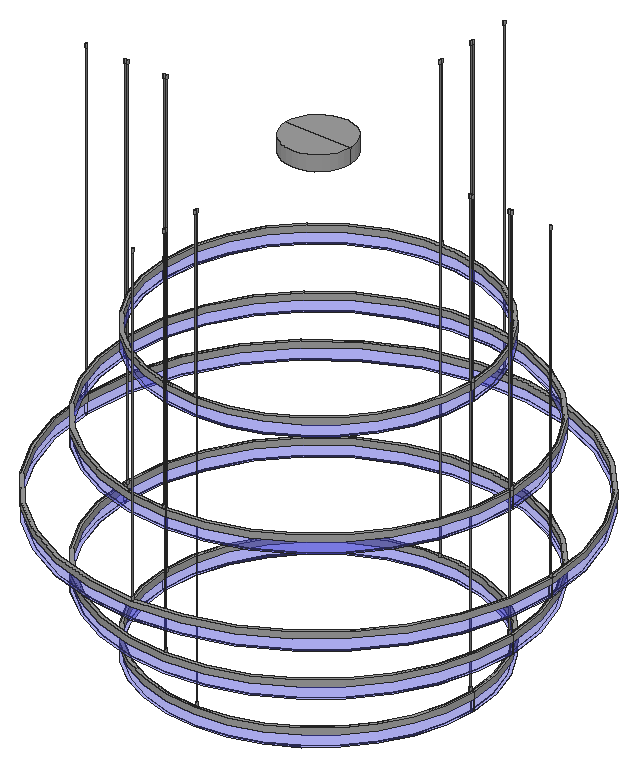
Revit family "Alcon-12272-5-48-60-72-60-48-Revit-Family", category Generic Models, host Ceiling, Revit 2025
Family settings
  Host = Ceiling
  Can host rebar = No
  Round Connector Dimension = Use Diameter
  Part Type = Normal
  Always vertical = Yes
  Cut with Voids When Loaded = No
  Maintain Annotation Orientation = No
  Shared = No
  Room Calculation Point = No
Parameters
  URL = "https://www.alconlighting.com/?srsltid=AfmBOooDPhGQ0dEP-X2PMtxFfvvWpIAEL4jCll_O2F4_to5onvhnBomy"
  Product Page = "https://www.alconlighting.com/redondo-12272-5.html"
  Model = "12272-5"
  Manufacturer = "Alcon Lighting"
  Lens = Glass
  Housing = Default
  Default Elevation = 0' - 0"
Reference planes (in)
  plane 1 "Center (Front/Back)": y = 0
  plane 2 "Ceiling": z = 96
  plane 3 "Center (Left/Right)": x = 0
Forms (in)
  Revolve 1, solid, material "Default" <- "Housing"
    sketch origin (0, 0, 0) x (1, 0, 0) y (0, 0, 1)
      loop
        line (0, 96) -> (0, 93.75) -> (5, 93.75) -> (5, 96) -> (0, 96)
      axis (0, 96) -> (0, 93.75)
    angle from 0 to 360
  Revolve 2, solid, material "Default" <- "Housing"
    sketch origin (0, 0, -29.03125) x (1, 0, 0) y (0, 0, 1)
      loop
        line (29.5, 66.65) -> (29.5, 65.72813) -> (29.5625, 65.72813) -> (29.5625, 66.5875) -> (29.9375, 66.5875) -> (29.9375, 65.72813) -> (30, 65.72813) -> (30, 66.65) -> (29.5, 66.65)
      axis (0, 65.72813) -> (0, 66.65)
    angle from 0 to 360
  Revolve 3, solid, material "Glass" <- "Lens"
    sketch origin (0, 0, -29.03125) x (1, 0, 0) y (0, 0, 1)
      loop
        line (29.5, 63.89) -> (30, 63.89) -> (30, 65.72813) -> (29.96875, 65.72813) -> (29.96875, 63.92125) -> (29.53125, 63.92125) -> (29.53125, 65.72813) -> (29.5, 65.72813) -> (29.5, 63.89)
      axis (0, 63.89) -> (0, 65.72813)
    angle from 0 to 360
  Revolve 4, solid, material "Default" <- "Housing"
    sketch origin (0, -41.92511, -29.03125) x (0, 1, 0) y (0, 0, 1)
      loop
        line (12.55011, 66.65) -> (12.67511, 66.65) -> (12.67511, 67.1208) -> (12.55011, 67.1208) -> (12.55011, 66.65)
      axis (12.55011, 67.1208) -> (12.55011, 66.65)
    angle from 0 to 360
  Extrusion 5, solid, material "Default" <- "Housing"
    sketch origin (0, -29.37511, 92.90344) x (0, 1, 0) y (1, 0, 0)
      loop
        circle (0, 0) r 0.04922
    from -2.62576 to 54.8139
  Revolve 6, solid, material "Default" <- "Housing"
    sketch origin (0, -41.92511, 28.8792) x (0, 1, 0) y (0, 0, 1)
      loop
        line (12.55011, 66.65) -> (12.67511, 66.65) -> (12.67511, 67.1208) -> (12.55011, 67.1208) -> (12.55011, 66.65)
      axis (12.55011, 67.1208) -> (12.55011, 66.65)
    angle from 0 to 360
  Revolve 7, solid, material "Default" <- "Housing"
    sketch origin (0, 16.82489, -29.03125) x (0, 1, 0) y (0, 0, 1)
      loop
        line (12.55011, 66.65) -> (12.67511, 66.65) -> (12.67511, 67.1208) -> (12.55011, 67.1208) -> (12.55011, 66.65)
      axis (12.55011, 67.1208) -> (12.55011, 66.65)
    angle from 0 to 360
  Extrusion 8, solid, material "Default" <- "Housing"
    sketch origin (0, 29.37489, 92.90344) x (0, 1, 0) y (1, 0, 0)
      loop
        circle (0, 0) r 0.04922
    from -2.62576 to 54.8139
  Revolve 9, solid, material "Default" <- "Housing"
    sketch origin (0, 16.82489, 28.8792) x (0, 1, 0) y (0, 0, 1)
      loop
        line (12.55011, 66.65) -> (12.67511, 66.65) -> (12.67511, 67.1208) -> (12.55011, 67.1208) -> (12.55011, 66.65)
      axis (12.55011, 67.1208) -> (12.55011, 66.65)
    angle from 0 to 360
  Revolve 10, solid, material "Default" <- "Housing"
    sketch origin (29.375, -12.55011, -29.03125) x (0, 1, 0) y (0, 0, 1)
      loop
        line (12.55011, 66.65) -> (12.67511, 66.65) -> (12.67511, 67.1208) -> (12.55011, 67.1208) -> (12.55011, 66.65)
      axis (12.55011, 67.1208) -> (12.55011, 66.65)
    angle from 0 to 360
  Extrusion 11, solid, material "Default" <- "Housing"
    sketch origin (29.375, -0.00011, 92.90344) x (0, 1, 0) y (1, 0, 0)
      loop
        circle (0, 0) r 0.04922
    from -2.62576 to 54.8139
  Revolve 12, solid, material "Default" <- "Housing"
    sketch origin (29.375, -12.55011, 28.8792) x (0, 1, 0) y (0, 0, 1)
      loop
        line (12.55011, 66.65) -> (12.67511, 66.65) -> (12.67511, 67.1208) -> (12.55011, 67.1208) -> (12.55011, 66.65)
      axis (12.55011, 67.1208) -> (12.55011, 66.65)
    angle from 0 to 360
  Revolve 13, solid, material "Default" <- "Housing"
    sketch origin (-29.375, -12.55011, -29.03125) x (0, 1, 0) y (0, 0, 1)
      loop
        line (12.55011, 66.65) -> (12.67511, 66.65) -> (12.67511, 67.1208) -> (12.55011, 67.1208) -> (12.55011, 66.65)
      axis (12.55011, 67.1208) -> (12.55011, 66.65)
    angle from 0 to 360
  Extrusion 14, solid, material "Default" <- "Housing"
    sketch origin (-29.375, -0.00011, 92.90344) x (0, 1, 0) y (1, 0, 0)
      loop
        circle (0, 0) r 0.04922
    from -2.62576 to 54.8139
  Revolve 15, solid, material "Default" <- "Housing"
    sketch origin (-29.375, -12.55011, 28.8792) x (0, 1, 0) y (0, 0, 1)
      loop
        line (12.55011, 66.65) -> (12.67511, 66.65) -> (12.67511, 67.1208) -> (12.55011, 67.1208) -> (12.55011, 66.65)
      axis (12.55011, 67.1208) -> (12.55011, 66.65)
    angle from 0 to 360
  Revolve 16, solid, material "Default" <- "Housing"
    sketch origin (0, 0, -19.03125) x (1, 0, 0) y (0, 0, 1)
      loop
        line (35.5, 66.65) -> (35.5, 65.72813) -> (35.5625, 65.72813) -> (35.5625, 66.5875) -> (35.9375, 66.5875) -> (35.9375, 65.72813) -> (36, 65.72813) -> (36, 66.65) -> (35.5, 66.65)
      axis (0, 65.72813) -> (0, 66.65)
    angle from 0 to 360
  Revolve 17, solid, material "Glass" <- "Lens"
    sketch origin (0, 0, -19.03125) x (1, 0, 0) y (0, 0, 1)
      loop
        line (35.5, 63.89) -> (36, 63.89) -> (36, 65.72813) -> (35.96875, 65.72813) -> (35.96875, 63.92125) -> (35.53125, 63.92125) -> (35.53125, 65.72813) -> (35.5, 65.72813) -> (35.5, 63.89)
      axis (0, 63.89) -> (0, 65.72813)
    angle from 0 to 360
  Revolve 18, solid, material "Default" <- "Housing"
    sketch origin (-35.73128, -12.55011, -19.03125) x (0, 1, 0) y (0, 0, 1)
      loop
        line (12.55011, 66.65) -> (12.67511, 66.65) -> (12.67511, 67.1208) -> (12.55011, 67.1208) -> (12.55011, 66.65)
      axis (12.55011, 67.1208) -> (12.55011, 66.65)
    angle from 0 to 360
  Extrusion 19, solid, material "Default" <- "Housing"
    sketch origin (-35.73128, -0.00011, 102.90344) x (0, 1, 0) y (1, 0, 0)
      loop
        circle (0, 0) r 0.04922
    from 7.37424 to 54.8139
  Revolve 20, solid, material "Default" <- "Housing"
    sketch origin (-35.73128, -12.55011, 28.8792) x (0, 1, 0) y (0, 0, 1)
      loop
        line (12.55011, 66.65) -> (12.67511, 66.65) -> (12.67511, 67.1208) -> (12.55011, 67.1208) -> (12.55011, 66.65)
      axis (12.55011, 67.1208) -> (12.55011, 66.65)
    angle from 0 to 360
  Revolve 21, solid, material "Default" <- "Housing"
    sketch origin (-29.375, -12.55011, -29.03125) x (0, 1, 0) y (0, 0, 1)
      loop
        line (12.55011, 66.65) -> (12.67511, 66.65) -> (12.67511, 67.1208) -> (12.55011, 67.1208) -> (12.55011, 66.65)
      axis (12.55011, 67.1208) -> (12.55011, 66.65)
    angle from 0 to 360
  Extrusion 22, solid, material "Default" <- "Housing"
    sketch origin (-29.375, -0.00011, 92.90344) x (0, 1, 0) y (1, 0, 0)
      loop
        circle (0, 0) r 0.04922
    from -2.62576 to 54.8139
  Revolve 23, solid, material "Default" <- "Housing"
    sketch origin (-29.375, -12.55011, 28.8792) x (0, 1, 0) y (0, 0, 1)
      loop
        line (12.55011, 66.65) -> (12.67511, 66.65) -> (12.67511, 67.1208) -> (12.55011, 67.1208) -> (12.55011, 66.65)
      axis (12.55011, 67.1208) -> (12.55011, 66.65)
    angle from 0 to 360
  Revolve 24, solid, material "Default" <- "Housing"
    sketch origin (35.7346, -12.55011, -19.03125) x (0, 1, 0) y (0, 0, 1)
      loop
        line (12.55011, 66.65) -> (12.67511, 66.65) -> (12.67511, 67.1208) -> (12.55011, 67.1208) -> (12.55011, 66.65)
      axis (12.55011, 67.1208) -> (12.55011, 66.65)
    angle from 0 to 360
  Extrusion 25, solid, material "Default" <- "Housing"
    sketch origin (35.7346, -0.00011, 102.90344) x (0, 1, 0) y (1, 0, 0)
      loop
        circle (0, 0) r 0.04922
    from 7.37424 to 54.8139
  Revolve 26, solid, material "Default" <- "Housing"
    sketch origin (35.7346, -12.55011, 28.8792) x (0, 1, 0) y (0, 0, 1)
      loop
        line (12.55011, 66.65) -> (12.67511, 66.65) -> (12.67511, 67.1208) -> (12.55011, 67.1208) -> (12.55011, 66.65)
      axis (12.55011, 67.1208) -> (12.55011, 66.65)
    angle from 0 to 360
  Revolve 27, solid, material "Default" <- "Housing"
    sketch origin (0, 23.19989, -19.03125) x (0, 1, 0) y (0, 0, 1)
      loop
        line (12.55011, 66.65) -> (12.67511, 66.65) -> (12.67511, 67.1208) -> (12.55011, 67.1208) -> (12.55011, 66.65)
      axis (12.55011, 67.1208) -> (12.55011, 66.65)
    angle from 0 to 360
  Extrusion 28, solid, material "Default" <- "Housing"
    sketch origin (0, 35.74989, 102.90344) x (0, 1, 0) y (1, 0, 0)
      loop
        circle (0, 0) r 0.04922
    from 7.37424 to 54.8139
  Revolve 29, solid, material "Default" <- "Housing"
    sketch origin (0, 23.19989, 28.8792) x (0, 1, 0) y (0, 0, 1)
      loop
        line (12.55011, 66.65) -> (12.67511, 66.65) -> (12.67511, 67.1208) -> (12.55011, 67.1208) -> (12.55011, 66.65)
      axis (12.55011, 67.1208) -> (12.55011, 66.65)
    angle from 0 to 360
  Revolve 30, solid, material "Default" <- "Housing"
    sketch origin (0, -48.30011, -19.03125) x (0, 1, 0) y (0, 0, 1)
      loop
        line (12.55011, 66.65) -> (12.67511, 66.65) -> (12.67511, 67.1208) -> (12.55011, 67.1208) -> (12.55011, 66.65)
      axis (12.55011, 67.1208) -> (12.55011, 66.65)
    angle from 0 to 360
  Extrusion 31, solid, material "Default" <- "Housing"
    sketch origin (0, -35.75011, 102.90344) x (0, 1, 0) y (1, 0, 0)
      loop
        circle (0, 0) r 0.04922
    from 7.37424 to 54.8139
  Revolve 32, solid, material "Default" <- "Housing"
    sketch origin (0, -48.30011, 28.8792) x (0, 1, 0) y (0, 0, 1)
      loop
        line (12.55011, 66.65) -> (12.67511, 66.65) -> (12.67511, 67.1208) -> (12.55011, 67.1208) -> (12.55011, 66.65)
      axis (12.55011, 67.1208) -> (12.55011, 66.65)
    angle from 0 to 360
  Revolve 33, solid, material "Default" <- "Housing"
    sketch origin (0, 0, -39.03125) x (1, 0, 0) y (0, 0, 1)
      loop
        line (23.5, 66.65) -> (23.5, 65.72813) -> (23.5625, 65.72813) -> (23.5625, 66.5875) -> (23.9375, 66.5875) -> (23.9375, 65.72813) -> (24, 65.72813) -> (24, 66.65) -> (23.5, 66.65)
      axis (0, 65.72813) -> (0, 66.65)
    angle from 0 to 360
  Revolve 34, solid, material "Glass" <- "Lens"
    sketch origin (0, 0, -39.03125) x (1, 0, 0) y (0, 0, 1)
      loop
        line (23.5, 63.89) -> (24, 63.89) -> (24, 65.72813) -> (23.96875, 65.72813) -> (23.96875, 63.92125) -> (23.53125, 63.92125) -> (23.53125, 65.72813) -> (23.5, 65.72813) -> (23.5, 63.89)
      axis (0, 63.89) -> (0, 65.72813)
    angle from 0 to 360
  Revolve 35, solid, material "Default" <- "Housing"
    sketch origin (23.375, -12.55011, -39.03125) x (0, 1, 0) y (0, 0, 1)
      loop
        line (12.55011, 66.65) -> (12.67511, 66.65) -> (12.67511, 67.1208) -> (12.55011, 67.1208) -> (12.55011, 66.65)
      axis (12.55011, 67.1208) -> (12.55011, 66.65)
    angle from 0 to 360
  Extrusion 36, solid, material "Default" <- "Housing"
    sketch origin (23.375, -0.00011, 92.90344) x (0, 1, 0) y (1, 0, 0)
      loop
        circle (0, 0) r 0.04922
    from -2.62576 to 64.8139
  Revolve 37, solid, material "Default" <- "Housing"
    sketch origin (23.375, -12.55011, 28.8792) x (0, 1, 0) y (0, 0, 1)
      loop
        line (12.55011, 66.65) -> (12.67511, 66.65) -> (12.67511, 67.1208) -> (12.55011, 67.1208) -> (12.55011, 66.65)
      axis (12.55011, 67.1208) -> (12.55011, 66.65)
    angle from 0 to 360
  Revolve 38, solid, material "Default" <- "Housing"
    sketch origin (-23.375, -12.55011, -39.03125) x (0, 1, 0) y (0, 0, 1)
      loop
        line (12.55011, 66.65) -> (12.67511, 66.65) -> (12.67511, 67.1208) -> (12.55011, 67.1208) -> (12.55011, 66.65)
      axis (12.55011, 67.1208) -> (12.55011, 66.65)
    angle from 0 to 360
  Extrusion 39, solid, material "Default" <- "Housing"
    sketch origin (-23.375, -0.00011, 92.90344) x (0, 1, 0) y (1, 0, 0)
      loop
        circle (0, 0) r 0.04922
    from -2.62576 to 64.8139
  Revolve 40, solid, material "Default" <- "Housing"
    sketch origin (-23.375, -12.55011, 28.8792) x (0, 1, 0) y (0, 0, 1)
      loop
        line (12.55011, 66.65) -> (12.67511, 66.65) -> (12.67511, 67.1208) -> (12.55011, 67.1208) -> (12.55011, 66.65)
      axis (12.55011, 67.1208) -> (12.55011, 66.65)
    angle from 0 to 360
  Revolve 41, solid, material "Default" <- "Housing"
    sketch origin (0, 10.82489, -39.03125) x (0, 1, 0) y (0, 0, 1)
      loop
        line (12.55011, 66.65) -> (12.67511, 66.65) -> (12.67511, 67.1208) -> (12.55011, 67.1208) -> (12.55011, 66.65)
      axis (12.55011, 67.1208) -> (12.55011, 66.65)
    angle from 0 to 360
  Extrusion 42, solid, material "Default" <- "Housing"
    sketch origin (0, 23.37489, 92.90344) x (0, 1, 0) y (1, 0, 0)
      loop
        circle (0, 0) r 0.04922
    from -2.62576 to 64.8139
  Revolve 43, solid, material "Default" <- "Housing"
    sketch origin (0, 10.82489, 28.8792) x (0, 1, 0) y (0, 0, 1)
      loop
        line (12.55011, 66.65) -> (12.67511, 66.65) -> (12.67511, 67.1208) -> (12.55011, 67.1208) -> (12.55011, 66.65)
      axis (12.55011, 67.1208) -> (12.55011, 66.65)
    angle from 0 to 360
  Revolve 44, solid, material "Default" <- "Housing"
    sketch origin (0, -35.92511, -39.03125) x (0, 1, 0) y (0, 0, 1)
      loop
        line (12.55011, 66.65) -> (12.67511, 66.65) -> (12.67511, 67.1208) -> (12.55011, 67.1208) -> (12.55011, 66.65)
      axis (12.55011, 67.1208) -> (12.55011, 66.65)
    angle from 0 to 360
  Extrusion 45, solid, material "Default" <- "Housing"
    sketch origin (0, -23.37511, 92.90344) x (0, 1, 0) y (1, 0, 0)
      loop
        circle (0, 0) r 0.04922
    from -2.62576 to 64.8139
  Revolve 46, solid, material "Default" <- "Housing"
    sketch origin (0, -35.92511, 28.8792) x (0, 1, 0) y (0, 0, 1)
      loop
        line (12.55011, 66.65) -> (12.67511, 66.65) -> (12.67511, 67.1208) -> (12.55011, 67.1208) -> (12.55011, 66.65)
      axis (12.55011, 67.1208) -> (12.55011, 66.65)
    angle from 0 to 360
  Revolve 47, solid, material "Default" <- "Housing"
    sketch origin (0, 0, -9.03125) x (1, 0, 0) y (0, 0, 1)
      loop
        line (29.5, 66.65) -> (29.5, 65.72813) -> (29.5625, 65.72813) -> (29.5625, 66.5875) -> (29.9375, 66.5875) -> (29.9375, 65.72813) -> (30, 65.72813) -> (30, 66.65) -> (29.5, 66.65)
      axis (0, 65.72813) -> (0, 66.65)
    angle from 0 to 360
  Revolve 48, solid, material "Glass" <- "Lens"
    sketch origin (0, 0, -9.03125) x (1, 0, 0) y (0, 0, 1)
      loop
        line (29.5, 63.89) -> (30, 63.89) -> (30, 65.72813) -> (29.96875, 65.72813) -> (29.96875, 63.92125) -> (29.53125, 63.92125) -> (29.53125, 65.72813) -> (29.5, 65.72813) -> (29.5, 63.89)
      axis (0, 63.89) -> (0, 65.72813)
    angle from 0 to 360
  Revolve 49, solid, material "Default" <- "Housing"
    sketch origin (0, -42.29757, -9.03125) x (0, 1, 0) y (0, 0, 1)
      loop
        line (12.55011, 66.65) -> (12.67511, 66.65) -> (12.67511, 67.1208) -> (12.55011, 67.1208) -> (12.55011, 66.65)
      axis (12.55011, 67.1208) -> (12.55011, 66.65)
    angle from 0 to 360
  Extrusion 50, solid, material "Default" <- "Housing"
    sketch origin (0, -29.74757, 112.90344) x (0, 1, 0) y (1, 0, 0)
      loop
        circle (0, 0) r 0.04922
    from 17.37424 to 54.8139
  Revolve 51, solid, material "Default" <- "Housing"
    sketch origin (0, -42.29757, 28.8792) x (0, 1, 0) y (0, 0, 1)
      loop
        line (12.55011, 66.65) -> (12.67511, 66.65) -> (12.67511, 67.1208) -> (12.55011, 67.1208) -> (12.55011, 66.65)
      axis (12.55011, 67.1208) -> (12.55011, 66.65)
    angle from 0 to 360
  Revolve 52, solid, material "Default" <- "Housing"
    sketch origin (0, 17.20494, -9.03125) x (0, 1, 0) y (0, 0, 1)
      loop
        line (12.55011, 66.65) -> (12.67511, 66.65) -> (12.67511, 67.1208) -> (12.55011, 67.1208) -> (12.55011, 66.65)
      axis (12.55011, 67.1208) -> (12.55011, 66.65)
    angle from 0 to 360
  Extrusion 53, solid, material "Default" <- "Housing"
    sketch origin (0, 29.75494, 112.90344) x (0, 1, 0) y (1, 0, 0)
      loop
        circle (0, 0) r 0.04922
    from 17.37424 to 54.8139
  Revolve 54, solid, material "Default" <- "Housing"
    sketch origin (0, 17.20494, 28.8792) x (0, 1, 0) y (0, 0, 1)
      loop
        line (12.55011, 66.65) -> (12.67511, 66.65) -> (12.67511, 67.1208) -> (12.55011, 67.1208) -> (12.55011, 66.65)
      axis (12.55011, 67.1208) -> (12.55011, 66.65)
    angle from 0 to 360
  Revolve 55, solid, material "Default" <- "Housing"
    sketch origin (29.75804, -12.55011, -9.03125) x (0, 1, 0) y (0, 0, 1)
      loop
        line (12.55011, 66.65) -> (12.67511, 66.65) -> (12.67511, 67.1208) -> (12.55011, 67.1208) -> (12.55011, 66.65)
      axis (12.55011, 67.1208) -> (12.55011, 66.65)
    angle from 0 to 360
  Extrusion 56, solid, material "Default" <- "Housing"
    sketch origin (29.75804, -0.00011, 112.90344) x (0, 1, 0) y (1, 0, 0)
      loop
        circle (0, 0) r 0.04922
    from 17.37424 to 54.8139
  Revolve 57, solid, material "Default" <- "Housing"
    sketch origin (29.75804, -12.55011, 28.8792) x (0, 1, 0) y (0, 0, 1)
      loop
        line (12.55011, 66.65) -> (12.67511, 66.65) -> (12.67511, 67.1208) -> (12.55011, 67.1208) -> (12.55011, 66.65)
      axis (12.55011, 67.1208) -> (12.55011, 66.65)
    angle from 0 to 360
  Revolve 58, solid, material "Default" <- "Housing"
    sketch origin (-29.73292, -12.55011, -9.03125) x (0, 1, 0) y (0, 0, 1)
      loop
        line (12.55011, 66.65) -> (12.67511, 66.65) -> (12.67511, 67.1208) -> (12.55011, 67.1208) -> (12.55011, 66.65)
      axis (12.55011, 67.1208) -> (12.55011, 66.65)
    angle from 0 to 360
  Extrusion 59, solid, material "Default" <- "Housing"
    sketch origin (-29.73292, -0.00011, 112.90344) x (0, 1, 0) y (1, 0, 0)
      loop
        circle (0, 0) r 0.04922
    from 17.37424 to 54.8139
  Revolve 60, solid, material "Default" <- "Housing"
    sketch origin (-29.73292, -12.55011, 28.8792) x (0, 1, 0) y (0, 0, 1)
      loop
        line (12.55011, 66.65) -> (12.67511, 66.65) -> (12.67511, 67.1208) -> (12.55011, 67.1208) -> (12.55011, 66.65)
      axis (12.55011, 67.1208) -> (12.55011, 66.65)
    angle from 0 to 360
  Revolve 61, solid, material "Default" <- "Housing"
    sketch origin (-29.73292, -12.55011, -9.03125) x (0, 1, 0) y (0, 0, 1)
      loop
        line (12.55011, 66.65) -> (12.67511, 66.65) -> (12.67511, 67.1208) -> (12.55011, 67.1208) -> (12.55011, 66.65)
      axis (12.55011, 67.1208) -> (12.55011, 66.65)
    angle from 0 to 360
  Extrusion 62, solid, material "Default" <- "Housing"
    sketch origin (-29.73292, -0.00011, 112.90344) x (0, 1, 0) y (1, 0, 0)
      loop
        circle (0, 0) r 0.04922
    from 17.37424 to 54.8139
  Revolve 63, solid, material "Default" <- "Housing"
    sketch origin (-29.73292, -12.55011, 28.8792) x (0, 1, 0) y (0, 0, 1)
      loop
        line (12.55011, 66.65) -> (12.67511, 66.65) -> (12.67511, 67.1208) -> (12.55011, 67.1208) -> (12.55011, 66.65)
      axis (12.55011, 67.1208) -> (12.55011, 66.65)
    angle from 0 to 360
  Revolve 64, solid, material "Default" <- "Housing"
    sketch origin (0, 0, 3.72875) x (1, 0, 0) y (0, 0, 1)
      loop
        line (23.5, 66.65) -> (23.5, 65.72813) -> (23.5625, 65.72813) -> (23.5625, 66.5875) -> (23.9375, 66.5875) -> (23.9375, 65.72813) -> (24, 65.72813) -> (24, 66.65) -> (23.5, 66.65)
      axis (0, 65.72813) -> (0, 66.65)
    angle from 0 to 360
  Revolve 65, solid, material "Glass" <- "Lens"
    sketch origin (0, 0, 3.72875) x (1, 0, 0) y (0, 0, 1)
      loop
        line (23.5, 63.89) -> (24, 63.89) -> (24, 65.72813) -> (23.96875, 65.72813) -> (23.96875, 63.92125) -> (23.53125, 63.92125) -> (23.53125, 65.72813) -> (23.5, 65.72813) -> (23.5, 63.89)
      axis (0, 63.89) -> (0, 65.72813)
    angle from 0 to 360
  Revolve 66, solid, material "Default" <- "Housing"
    sketch origin (23.74271, -12.55011, 3.72875) x (0, 1, 0) y (0, 0, 1)
      loop
        line (12.55011, 66.65) -> (12.67511, 66.65) -> (12.67511, 67.1208) -> (12.55011, 67.1208) -> (12.55011, 66.65)
      axis (12.55011, 67.1208) -> (12.55011, 66.65)
    angle from 0 to 360
  Extrusion 67, solid, material "Default" <- "Housing"
    sketch origin (23.74271, -0.00011, 135.66344) x (0, 1, 0) y (1, 0, 0)
      loop
        circle (0, 0) r 0.04922
    from 40.13424 to 64.8139
  Revolve 68, solid, material "Default" <- "Housing"
    sketch origin (23.74271, -12.55011, 28.8792) x (0, 1, 0) y (0, 0, 1)
      loop
        line (12.55011, 66.65) -> (12.67511, 66.65) -> (12.67511, 67.1208) -> (12.55011, 67.1208) -> (12.55011, 66.65)
      axis (12.55011, 67.1208) -> (12.55011, 66.65)
    angle from 0 to 360
  Revolve 69, solid, material "Default" <- "Housing"
    sketch origin (-23.73482, -12.55011, 3.72875) x (0, 1, 0) y (0, 0, 1)
      loop
        line (12.55011, 66.65) -> (12.67511, 66.65) -> (12.67511, 67.1208) -> (12.55011, 67.1208) -> (12.55011, 66.65)
      axis (12.55011, 67.1208) -> (12.55011, 66.65)
    angle from 0 to 360
  Extrusion 70, solid, material "Default" <- "Housing"
    sketch origin (-23.73482, -0.00011, 135.66344) x (0, 1, 0) y (1, 0, 0)
      loop
        circle (0, 0) r 0.04922
    from 40.13424 to 64.8139
  Revolve 71, solid, material "Default" <- "Housing"
    sketch origin (-23.73482, -12.55011, 28.8792) x (0, 1, 0) y (0, 0, 1)
      loop
        line (12.55011, 66.65) -> (12.67511, 66.65) -> (12.67511, 67.1208) -> (12.55011, 67.1208) -> (12.55011, 66.65)
      axis (12.55011, 67.1208) -> (12.55011, 66.65)
    angle from 0 to 360
  Revolve 72, solid, material "Default" <- "Housing"
    sketch origin (0, 11.19989, 3.72875) x (0, 1, 0) y (0, 0, 1)
      loop
        line (12.55011, 66.65) -> (12.67511, 66.65) -> (12.67511, 67.1208) -> (12.55011, 67.1208) -> (12.55011, 66.65)
      axis (12.55011, 67.1208) -> (12.55011, 66.65)
    angle from 0 to 360
  Extrusion 73, solid, material "Default" <- "Housing"
    sketch origin (0, 23.74989, 135.66344) x (0, 1, 0) y (1, 0, 0)
      loop
        circle (0, 0) r 0.04922
    from 40.13424 to 64.8139
  Revolve 74, solid, material "Default" <- "Housing"
    sketch origin (0, 11.19989, 28.8792) x (0, 1, 0) y (0, 0, 1)
      loop
        line (12.55011, 66.65) -> (12.67511, 66.65) -> (12.67511, 67.1208) -> (12.55011, 67.1208) -> (12.55011, 66.65)
      axis (12.55011, 67.1208) -> (12.55011, 66.65)
    angle from 0 to 360
  Revolve 75, solid, material "Default" <- "Housing"
    sketch origin (0, -36.30011, 3.72875) x (0, 1, 0) y (0, 0, 1)
      loop
        line (12.55011, 66.65) -> (12.67511, 66.65) -> (12.67511, 67.1208) -> (12.55011, 67.1208) -> (12.55011, 66.65)
      axis (12.55011, 67.1208) -> (12.55011, 66.65)
    angle from 0 to 360
  Extrusion 76, solid, material "Default" <- "Housing"
    sketch origin (0, -23.75011, 135.66344) x (0, 1, 0) y (1, 0, 0)
      loop
        circle (0, 0) r 0.04922
    from 40.13424 to 64.8139
  Revolve 77, solid, material "Default" <- "Housing"
    sketch origin (0, -36.30011, 28.8792) x (0, 1, 0) y (0, 0, 1)
      loop
        line (12.55011, 66.65) -> (12.67511, 66.65) -> (12.67511, 67.1208) -> (12.55011, 67.1208) -> (12.55011, 66.65)
      axis (12.55011, 67.1208) -> (12.55011, 66.65)
    angle from 0 to 360
Dimensions and locks (in)
  equal spacing: host sketch curve, plane 3 "Center (Left/Right)", host sketch curve
  equal spacing: host sketch curve, plane 1 "Center (Front/Back)", host sketch curve
  host sketch curve to host sketch curve = 10' - 0"  (x2)
  aligned and locked: Extrusion 5 to Revolve 4
  aligned and locked: Revolve 6 to Extrusion 5
  aligned and locked: Extrusion 8 to Revolve 7
  aligned and locked: Revolve 9 to Extrusion 8
  aligned and locked: Extrusion 11 to Revolve 10
  aligned and locked: Revolve 12 to Extrusion 11
  aligned and locked: Extrusion 14 to Revolve 13
  aligned and locked: Extrusion 19 to Revolve 18
  aligned and locked: Revolve 20 to Extrusion 19
  aligned and locked: Extrusion 22 to Revolve 21
  aligned and locked: Extrusion 25 to Revolve 24
  aligned and locked: Revolve 26 to Extrusion 25
  aligned and locked: Extrusion 28 to Revolve 27
  aligned and locked: Revolve 29 to Extrusion 28
  aligned and locked: Extrusion 31 to Revolve 30
  aligned and locked: Revolve 32 to Extrusion 31
  aligned and locked: Extrusion 36 to Revolve 35
  aligned and locked: Revolve 37 to Extrusion 36
  aligned and locked: Extrusion 39 to Revolve 38
  aligned and locked: Revolve 40 to Extrusion 39
  aligned and locked: Extrusion 42 to Revolve 41
  aligned and locked: Revolve 43 to Extrusion 42
  aligned and locked: Extrusion 45 to Revolve 44
  aligned and locked: Revolve 46 to Extrusion 45
  aligned and locked: Extrusion 50 to Revolve 49
  aligned and locked: Revolve 51 to Extrusion 50
  aligned and locked: Extrusion 53 to Revolve 52
  aligned and locked: Revolve 54 to Extrusion 53
  aligned and locked: Extrusion 56 to Revolve 55
  aligned and locked: Revolve 57 to Extrusion 56
  aligned and locked: Extrusion 59 to Revolve 58
  aligned and locked: Extrusion 62 to Revolve 61
  aligned and locked: Revolve 63 to Extrusion 62
  aligned and locked: Extrusion 67 to Revolve 66
  aligned and locked: Revolve 68 to Extrusion 67
  aligned and locked: Extrusion 70 to Revolve 69
  aligned and locked: Revolve 71 to Extrusion 70
  aligned and locked: Extrusion 73 to Revolve 72
  aligned and locked: Revolve 74 to Extrusion 73
  aligned and locked: Extrusion 76 to Revolve 75
  aligned and locked: Revolve 77 to Extrusion 76
